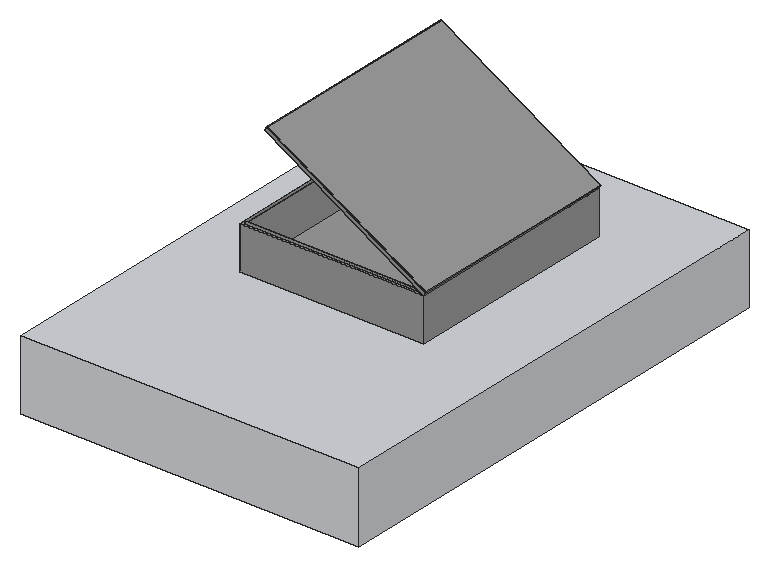
Revit family "Hager-Univers-IP44-D205-H950-Cl.II-Encl-NL-en", category Equipement électrique, Revit 2020
Family settings
  Hôte = Face
  Configuration du panneau = Deux colonnes, circuits au sein
  Cote de connecteur circulaire = Utiliser le diamètre
  Type d'élément = Tableau de raccordement
  Couper avec des vides une fois chargée = Non
  Partagée = Non
  Point de calcul de pièce = Non
Parameters (values of type "Surface mounted (plaster) IP44 W800 H950 D205  - FP63QS")
  Width Control [instance] = if([EF000008 - Width] > Min Width, [EF000008 - Width], Min Width)  # 800 mm
  Commentaires du type = [HG000003 - Range]  # "Univers"
  Thickness Door [instance] = if([EF009171 - Material plate thickness door/cover] > 3 mm, 3 mm, [EF009171 - Material plate thickness door/cover])  # 1 mm
  Seal Frame Offset [instance] = 17 mm  # constant formula
  Plinth Visibility [instance] = [HG000027 - Plinth height] > 0 mm  # no
  Model = ""
  Min Width [instance] = 100 mm  # constant formula
  Min Height [instance] = 100 mm  # constant formula
  Min Depth [instance] = (2 * [EF009170 - Material plate thickness cabinet]) + 1 mm  # 3 mm
  Internal Frame Depth [instance] = (Door System Depth * 0.5)  # 9 mm
  Height Control [instance] = if([EF000040 - Height] > Min Height, [EF000040 - Height], Min Height)  # 950 mm
  HG000027 - Plinth height = 0 mm
  HG000026 - Floor standing = no
  HG000024 - Bottom section height = 800 mm
  HG000023 - Double section enclosure = no
  HG000016 - Door 3d visibility [instance] = yes
  HG000015 - Clearance visibility [instance] = no
  HG000014 - Door on the right [instance] = yes
  HG000013 - Door on the left [instance] = not([HG000014 - Door on the right])  # no
  HG000012 - Door swing angle [instance] = 30.00°
  HG000010 - Asymmetric doors = no
  HG000009 - Double swing door = no
  HG000006 - Flush mounted = no
  HG000004 - Manufacturer reference = "FP63QS"
  HG000003 - Range = "Univers"
  HG000002 - With door or cover = yes
  Frame Offset Bottom [instance] = 10 mm  # constant formula
  Frame Offset [instance] = 15 mm  # constant formula
  EF015940 - Cover with overpressure release = no
  EF011959 - Degree of protection (NEMA) = ""
  EF009554 - Number of openings for flange plates = 6
  EF009212 - Cover model = "EV000116 - Closed"
  EF009171 - Material plate thickness door/cover = 1 mm
  EF009170 - Material plate thickness cabinet = 1 mm
  Fabricant = "Hager"  # constant formula
  EF008873 - Nominal current (In) = 250 A
  EF007800 - Suitable for lightning protection = no
  EF006306 - With lock = no
  EF006244 - Transparent cover/door = no
  EF005474 - Degree of protection (IP) = "EV006418 - IP44"
  EF004464 - Type of door = "EV002646 - Single"
  EF004427 - Number of modules = 216
  EF004293 - Impact strength = "EV006815 - IK09"
  EF003532 - Suitable for outdoor use = no
  EF002950 - Width in number of modular spacings = 36
  EF001613 - Circuit integrity = "EV000494 - None"
  EF001596 - Material housing = "EV000179 - Steel"
  EF001131 - Internal depth = 143 mm
  EF001088 - Extension possible = yes
  EF000437 - Number of conduit inlets = 6
  EF000339 - Type of cover = "EV001012 - Cover"
  EF000266 - Number of rows = 6
  EF000218 - Built-in depth = 0 mm
  EF000118 - With mounting plate = no
  EF000116 - RAL-number = "9010"
  EF000049 - Depth = 205 mm
  EF000040 - Height = 950 mm
  EF000008 - Width = 800 mm
  EF000007 - Colour = "EV000202 - White"
  EF000003 - Mounting method = "EV000384 - Surface mounted (plaster)"
  Door System Leaf Tolerance [instance] = 1.5 mm  # constant formula
  Door System Depth [instance] = 18 mm  # constant formula
  Door Height [instance] = Height Control - [HG000027 - Plinth height]  # 950 mm
  Depth Control [instance] = if([EF000049 - Depth] > Min Depth, [EF000049 - Depth], Min Depth)  # 205 mm
  Default Elevation = 0 mm
  Connector Offset [instance] = Height Control / 2  # 475 mm
  Bottom Top Plate Trim [instance] = 1.5 mm  # constant formula
  Plinth height Ctrl [instance] = if([HG000027 - Plinth height] > 0 mm, [HG000027 - Plinth height], 12 mm)  # 12 mm
Types (5, lengths in mm): name | Width Control | HG000009 - Double swing door | HG000004 - Manufacturer reference | EF009554 - Number of openings for flange plates | EF004464 - Type of door | EF004427 - Number of modules | EF002950 - Width in number of modular spacings | EF001131 - Internal depth | EF000437 - Number of conduit inlets | EF000008 - Width
  Surface mounted (plaster) IP44 W1050 H950 D205  - FP64QS | 1050 | yes | "FP64QS" | 8 | "EV003602 - Double" | 288 | 48 | 143 | 8 | 1050
  Surface mounted (plaster) IP44 W1300 H950 D205  - FP65QS | 1300 | yes | "FP65QS" | 10 | "EV003602 - Double" | 360 | 60 | 143 | 10 | 1300
  Surface mounted (plaster) IP44 W300 H950 D205  - FP61QS | 300 | no | "FP61QS" | 2 | "EV002646 - Single" | 72 | 12 | 143 | 2 | 300
  Surface mounted (plaster) IP44 W550 H950 D205  - FP62QS | 550 | no | "FP62QS" | 4 | "EV002646 - Single" | 144 | 24 | 130 | 4 | 550
  Surface mounted (plaster) IP44 W800 H950 D205  - FP63QS | 800 | no | "FP63QS" | 6 | "EV002646 - Single" | 216 | 36 | 143 | 6 | 800
Reference planes
  plane 1 "Center (Front/Back)": y = 0
  plane 2: z = 0
  plane 3 "Center (Left/Right)": x = 0
  plane 4: z = 205
  plane 5: y = 1
  plane 6: y = 475
  plane 7: y = 0
  plane 8: y = 950
  plane 9: z = 0
  plane 10: x = -385
  plane 11: x = 385
  plane 12: x = 384
  plane 13: x = -384
  plane 14: y = 949
  plane 15: x = -383
  plane 16: x = -400
  plane 17: x = 383
  plane 18: x = 400
  plane 19: x = 399
  plane 20: x = -399
  plane 21: y = 11
  plane 22: y = 950
  plane 23: y = 934
  plane 24: z = 187
  plane 25: z = 1
  plane 26: z = 186
  plane 27: z = 204
Forms (mm)
  Extrusion 1, solid
    sketch origin (0, 0, 0) x (1, 0, 0) y (0, 1, 0)
      loop
        line (-702.964, 1305) -> (-702.964, -811.445) -> (766.763, -811.445) -> (766.763, 1305) -> (-702.964, 1305)
    from 0 to -304.8
  Extrusion 2, solid, material "Hager_Steel_RAL7035_Light_Grey", visible <- "Plinth Visibility", detail levels medium+fine
    sketch origin (0, 0, 0) x (1, 0, 0) y (0, 1, 0)
      loop
        line (-400, 0) -> (400, 0) -> (400, 12) -> (-400, 12) -> (-400, 0)
    from 0 to 187
  Extrusion 3, solid, material "Hager_Steel_RAL7035_Light_Grey", detail levels medium+fine
    sketch origin (0, 0, 0) x (1, 0, 0) y (0, 1, 0)
      loop
        line (-400, 0) -> (400, 0) -> (400, 950) -> (-400, 950) -> (-400, 0)
    from 0 to 187
  Extrusion 4, void
    sketch origin (0, 0, 0) x (1, 0, 0) y (0, 1, 0)
      loop
        line (-399, 1) -> (399, 1) -> (399, 949) -> (-399, 949) -> (-399, 1)
    from 1 to 186
  Extrusion 5, void
    sketch origin (-381.607, -4572, 187) x (0, -1, 0) y (-1, 0, 0)
      loop
        line (-4583, 2.393) -> (-5506, 2.393) -> (-5506, -765.607) -> (-4583, -765.607) -> (-4583, 2.393)
    from 0 to 1 <- "EF009170 - Material plate thickness cabinet"
  Extrusion 6, solid, material "Hager_Steel_RAL7035_Light_Grey", detail levels fine
    sketch origin (0, 0, 187) x (1, 0, 0) y (0, 1, 0)
      loop
        line (-384, 934) -> (-384, 11) -> (384, 11) -> (384, 934) -> (-384, 934)
      loop
        line (-385, 10) -> (385, 10) -> (385, 935) -> (-385, 935) -> (-385, 10)
    from 0 to 9 <- "Internal Frame Depth"
  Extrusion 7, solid, material "Hager_Steel_RAL7035_Light_Grey", detail levels coarse
    sketch origin (0, 0, 0) x (1, 0, 0) y (0, 1, 0)
      loop
        line (-400, 0) -> (400, 0) -> (400, 950) -> (-400, 950) -> (-400, 0)
    from 0 to 205
  Sweep 8, void
    path in 3D
      loop
        line (-400, 12, 0) -> (400, 12, 0) -> (400, 12, 187) -> (-400, 12, 187) -> (-400, 12, 0)
    profile origin (-400, 12, 93.5) x (-1, 0, 0) y (0, -1, 0)
      loop
        line (0, 0) -> (0, 1.5) -> (-1.5, 1.5)
        arc (-1.5, 1.5) -> (-1.061, 0.439) -> (0, 0) r 1.5
Cuts and joins
  Extrusion 4, Extrusion 5 cuts Extrusion 3
  Sweep 8 cuts Extrusion 2
Lines and regions (mm)
  Masking region 1
    outline origin (0, 0, 0) x (1, 0, 0) y (0, 0, 1)
      loop
        line (-400, 205) -> (-400, 0) -> (400, 0) -> (400, 205) -> (-400, 205)
  Masking region 2, detail levels medium+fine
    outline origin (0, 140, 0) x (0, 1, 0) y (0, 0, 1)
      loop
        line (-140, 0) -> (810, 0) -> (810, 187) -> (-140, 187) -> (-140, 0)
  Masking region 3, not visible, detail levels medium+fine
    outline origin (0, 297.922, 0) x (0, 1, 0) y (0, 0, 1)
      loop
        line (188.578, 0) -> (228.578, 0) -> (228.578, 194)
        arc (228.578, 194) -> (225.649, 201.071) -> (218.578, 204) r 10
        line (218.578, 204) -> (188.578, 204) -> (188.578, 0)
  Masking region 4, detail levels coarse
    outline origin (0, 0, 180) x (0, 1, 0) y (0, 0, 1)
      loop
        line (0, -180) -> (950, -180) -> (950, 25) -> (0, 25) -> (0, -180)
  Masking region 5, visible <- "Plinth Visibility", detail levels medium+fine
    outline origin (0, 52.24, 12.345) x (0, 0, -1) y (0, 1, 0)
      loop
        line (10.845, -40.24) -> (-173.155, -40.24)
        arc (-173.155, -40.24) -> (-173.594, -41.301) -> (-174.655, -41.74) r 1.5
        line (-174.655, -41.74) -> (-174.655, -52.24) -> (12.345, -52.24) -> (12.345, -41.74)
        arc (12.345, -41.74) -> (11.285, -41.301) -> (10.845, -40.24) r 1.5
  Masking region 6, detail levels medium+fine
    outline origin (-381.607, -4572, 187) x (-1, 0, 0) y (0, -1, 0)
      loop
        line (18.393, -5522) -> (18.393, -4572) -> (-781.607, -4572) -> (-781.607, -5522) -> (18.393, -5522)
  Masking region 7, visible <- "Plinth Visibility", detail levels medium+fine
    outline origin (-381.607, -4727, 187) x (-1, 0, 0) y (0, -1, 0)
      loop
        arc (16.893, -4739) -> (17.332, -4737.939) -> (18.393, -4737.5) r 1.5
        line (18.393, -4737.5) -> (18.393, -4727) -> (-781.607, -4727) -> (-781.607, -4737.5)
        arc (-781.607, -4737.5) -> (-780.546, -4737.939) -> (-780.107, -4739) r 1.5
        line (-780.107, -4739) -> (16.893, -4739)
  Masking region 8, detail levels coarse
    outline origin (-442.548, -4669.526, 187) x (-1, 0, 0) y (0, -1, 0)
      loop
        line (-42.548, -5619.526) -> (-42.548, -4669.526) -> (-842.548, -4669.526) -> (-842.548, -5619.526) -> (-42.548, -5619.526)
  sketch lines
    curve 1: line (-400, 12, 187) -> (-400, 12, 0)
    curve 2: line (400, 12, 187) -> (-400, 12, 187)
    curve 3: line (400, 12, 187) -> (400, 12, 0)
    curve 4: line (-400, 12, 0) -> (400, 12, 0)
Dimensions and locks
  "Depth Control": plane 4 to Extrusion 1
  "HG000027 - Plinth height": plane 1 "Center (Front/Back)" to plane 7
  "EF009170 - Material plate thickness cabinet": plane 5 to plane 7
  locked: connector elem to plane 3 "Center (Left/Right)"
  equal spacing: plane 8, plane 6, plane 7
  locked: connector elem to plane 6
  "EF009170 - Material plate thickness cabinet": plane 8 to plane 14
  "EF009170 - Material plate thickness cabinet": plane 10 to plane 13
  "EF009170 - Material plate thickness cabinet": plane 12 to plane 11
  "Frame Offset": plane 20 to plane 13
  "Frame Offset": plane 12 to plane 19
  "EF009170 - Material plate thickness cabinet": plane 16 to plane 20
  "EF009170 - Material plate thickness cabinet": plane 19 to plane 18
  "Seal Frame Offset": plane 16 to plane 15
  "Seal Frame Offset": plane 17 to plane 18
  "Frame Offset Bottom": plane 21 to plane 5
  "Frame Offset": plane 14 to plane 23
  equal spacing: plane 16, plane 3 "Center (Left/Right)", plane 18
  "Width Control": plane 16 to plane 18
  "EF009170 - Material plate thickness cabinet": plane 4 to plane 27
  "EF009170 - Material plate thickness cabinet": plane 24 to plane 26
  "EF009170 - Material plate thickness cabinet": plane 25 to level
  "Door System Depth": plane 4 to plane 24
  "Height Control": plane 1 "Center (Front/Back)" to Extrusion 7 sketch curve
  "Height Control": Masking region 4 sketch curve to plane 1 "Center (Front/Back)"
  "Height Control": plane 1 "Center (Front/Back)" to plane 22
  "Bottom Top Plate Trim": profile plane to Sweep 8 sketch curve
  "Bottom Top Plate Trim": Sweep 8 sketch curve to profile plane
  "Plinth height Ctrl": plane 1 "Center (Front/Back)" to Extrusion 2 sketch curve
  "Plinth height Ctrl": Masking region 5 sketch curve to plane 1 "Center (Front/Back)"
  "Plinth height Ctrl": plane 1 "Center (Front/Back)" to Masking region 7 sketch curve
  "Thickness Door": Extrusion 6 sketch curve to Extrusion 6 sketch curve  (x3)
  "Thickness Door": cut or joined group of Extrusion 3, Extrusion 4, Extrusion 5 to Extrusion 6 sketch curve
  radius of Masking region 3 sketch curve = 10 mm
  "Bottom Top Plate Trim": radius of Masking region 5 sketch curve  (x2)
  "Bottom Top Plate Trim": radius of Sweep 8 sketch curve
  "Bottom Top Plate Trim": radius of Masking region 7 sketch curve  (x2)
  aligned and locked: plane 2 to Extrusion 1
  aligned and locked: level to Extrusion 1
  aligned and locked: level to Masking region 1 sketch curve
  aligned and locked: Masking region 1 sketch curve to plane 18
  aligned and locked: Masking region 1 sketch curve to plane 16
  aligned and locked: plane 7 to Masking region 2 sketch curve
  aligned and locked: level to Masking region 3 sketch curve
  aligned and locked: Masking region 3 sketch curve to plane 27
  aligned and locked: level to Masking region 2 sketch curve
  aligned and locked: plane 1 "Center (Front/Back)" to Extrusion 2 sketch curve
  aligned and locked: Extrusion 3 sketch curve to plane 7
  aligned and locked: plane 16 to Extrusion 3 sketch curve
  aligned and locked: plane 18 to Extrusion 3 sketch curve
  aligned and locked: plane 20 to Extrusion 4 sketch curve
  aligned and locked: plane 19 to Extrusion 4 sketch curve
  aligned and locked: Extrusion 4 sketch curve to plane 5
  aligned and locked: Extrusion 4 to plane 25
  aligned and locked: plane 26 to Extrusion 4
  aligned and locked: plane 24 to Extrusion 3
  aligned and locked: Extrusion 5 sketch curve to plane 21
  aligned and locked: Extrusion 5 sketch curve to plane 13
  aligned and locked: Extrusion 5 sketch curve to plane 12
  aligned and locked: plane 18 to Extrusion 7 sketch curve
  aligned and locked: plane 1 "Center (Front/Back)" to Extrusion 7 sketch curve
  aligned and locked: plane 16 to Extrusion 7 sketch curve
  aligned and locked: plane 4 to Extrusion 7
  aligned and locked: Extrusion 7 to level
  aligned and locked: level to Masking region 4 sketch curve
  aligned and locked: Masking region 4 sketch curve to plane 1 "Center (Front/Back)"
  aligned and locked: Masking region 4 sketch curve to plane 4
  aligned and locked: nested 1 to level
  aligned and locked: nested 1 to plane 16
  aligned and locked: plane 8 to Extrusion 3 sketch curve
  aligned and locked: plane 23 to Extrusion 5 sketch curve
  aligned and locked: plane 14 to Extrusion 4 sketch curve
  aligned and locked: Masking region 2 sketch curve to plane 8
  aligned and locked: level to Masking region 5 sketch curve
  aligned and locked: plane 16 to Extrusion 2 sketch curve
  aligned and locked: plane 18 to Extrusion 2 sketch curve
  aligned and locked: Masking region 5 sketch curve to plane 24
  aligned and locked: Masking region 2 sketch curve to plane 24
  aligned and locked: plane 24 to Extrusion 2
  aligned and locked: profile plane to Sweep 8 sketch curve  (x2)
  aligned and locked: Masking region 6 sketch curve to plane 18
  aligned and locked: Masking region 6 sketch curve to plane 22
  aligned and locked: Masking region 6 sketch curve to plane 16
  aligned and locked: plane 8 to plane 22
  aligned and locked: Masking region 6 sketch curve to plane 7
  aligned and locked: Masking region 7 sketch curve to plane 16
  aligned and locked: Masking region 7 sketch curve to plane 1 "Center (Front/Back)"
  aligned and locked: Masking region 7 sketch curve to plane 18
  aligned and locked: Masking region 8 sketch curve to plane 1 "Center (Front/Back)"
  aligned and locked: Masking region 8 sketch curve to plane 18
  aligned and locked: Masking region 8 sketch curve to plane 22
  aligned and locked: Masking region 8 sketch curve to plane 16
  aligned and locked: nested 2 to plane 7
  aligned and locked: plane 3 "Center (Left/Right)" to nested 2
  aligned and locked: nested 2 to plane 24
  aligned and locked: Extrusion 6 sketch curve to cut or joined group of Extrusion 3, Extrusion 4, Extrusion 5  (x4)
Automatic sketch dimensions
  Extrusion 1 sketch curve to Extrusion 1 sketch curve = 1469.727 mm
  Extrusion 1 sketch curve to Extrusion 1 sketch curve = 2116.445 mm
  Masking region 1 sketch curve to plane 4 = 0 mm
  plane 6 to Masking region 3 sketch curve = 11.5 mm
  Masking region 3 sketch curve to Masking region 3 sketch curve = 30 mm
  Masking region 5 sketch curve to plane 1 "Center (Front/Back)" = 0 mm
Nested families
  nested 1: "Hager_Enclosure_Symbol" at (-400, 0, 0) x (1, 0, 0) z (0, -1, 0), Height <- "Depth Control", Width <- "Width Control", type "Hager_Enclosure_Symbol"
    with Width_Ctrl 800 mm, Width 800 mm, Height_Ctrl 205 mm, Height 205 mm, A_Width_Int 13.453 mm, A_Width 161.438 mm, A_Height_Ctrl 179.375 mm, A_Height 179.375 mm
  nested 2: "EC000058_Univers_Door" at (0, 0, 187) x (1, 0, 0) z (0, 1, 0), Leaf_Tolerance <- "Door System Leaf Tolerance", Angle <- "HG000012 - Door swing angle", Door_Depth <- "Door System Depth", Door_Left <- "HG000013 - Door on the left", Transparent <- "EF006244 - Transparent cover/door", Assymetrical <- "HG000010 - Asymmetric doors", Width <- "Width Control", Clearance <- "HG000015 - Clearance visibility", Double <- "HG000009 - Double swing door", 3d_Door <- "HG000016 - Door 3d visibility", Lock_Visibility <- "EF006306 - With lock", Width_Ctrl <- "Width Control", Door_Right <- "HG000014 - Door on the right", Door <- "HG000002 - With door or cover", Height <- "Door Height", Thickness <- "Thickness Door", type "EC000058_Univers_Door", detail levels medium+fine
    with min_wh 3 mm, Width_Ctrl 800 mm, Width 800 mm, Transparent no, Thickness 1 mm, Seal_Material Hager_Rubber, Lock_Visibility no, Lock_Material Hager_Plastic_RAL9005_Jet_Black, Leaf_Width 800 mm, Leaf_Tolerance_External_Sides 0 mm, Leaf_Tolerance 1.5 mm, Leaf_Offset 0 mm, Leaf_Height 947 mm, Leaf_2_Width 800 mm, Leaf_2_Offset 400 mm, Leaf_1_Width 800 mm, Leaf_1_Offset 400 mm, Height_Ctrl 950 mm, Height 950 mm, Glass_Material Hager_Glass, Double_Clearance_Ctrl no, Double no, Door_Right_Ctrl yes, Door_Right yes, Door_Material Hager_Steel_RAL7035_Light_Grey, Door_Left_Ctrl no, Door_Left no, Door_Depth 18 mm, Door yes, Clearance_Material Hager_Clearance, Clearance_Depth 800 mm, Clearance_Ctrl no, Clearance no, Assymetrical no, Angle 30.00°, 3d_Door yes
Connectors
  electrical at (0, 475, 0)
    settings: on plane 9, index 1, voltage 0 V, apparent load 0 VA, apparent load phase1 0 VA, apparent load phase2 0 VA, apparent load phase3 0 VA, power factor 1, load classification "Other", number of poles 1, system type 30, power factor state 1, is connector primary yes, connector utility no, sub classification motor no, connector description ""
Definition of nested family "EC000058_Univers_Door"
  Parameters (values of type "EC000058_Univers_Door")
    min_wh [instance] = (2 * Thickness) + 1 mm  # 11 mm
    Width_Ctrl [instance] = 400 mm
    Width [instance] = 500 mm
    Transparent [instance] = yes
    Thickness [instance] = 5 mm
    Seal_Material [instance] = none
    Lock_Visibility [instance] = yes
    Lock_Material [instance] = none
    Leaf_Width [instance] = if((Width_Ctrl - 2 * Leaf_Tolerance_External_Sides) > 0 mm, (Width_Ctrl - 2 * Leaf_Tolerance_External_Sides), min_wh)  # 400 mm
    Leaf_Tolerance_External_Sides [instance] = 0 mm  # constant formula
    Leaf_Tolerance [instance] = 1.5 mm
    Leaf_Offset [instance] = 0 mm  # constant formula
    Leaf_Height [instance] = if((Height_Ctrl - 2 * Leaf_Tolerance) > 0 mm, (Height_Ctrl - 2 * Leaf_Tolerance), min_wh)  # 497 mm
    Leaf_2_Width [instance] = if(and(and(Double, Assymetrical), Door_Left), (Leaf_Width / 3) - (Leaf_Tolerance / 2), if(and(and(Double, Assymetrical), Door_Right), (Leaf_Width / 3) * 2 - (Leaf_Tolerance / 2), if(and(Double, not(Assymetrical)), (Leaf_Width / 2) - Leaf_Tolerance, Leaf_Width)))  # 400 mm
    Leaf_2_Offset [instance] = if(and(Double, Assymetrical), Leaf_2_Width / 2, if(and(Double, not(Assymetrical)), Leaf_Width / 4, Leaf_Width / 2))  # 200 mm
    Leaf_1_Width [instance] = if(and(and(Double, Assymetrical), Door_Right), (Leaf_Width / 3) - (Leaf_Tolerance / 2), if(and(and(Double, Assymetrical), Door_Left), (Width / 3) * 2 - (Leaf_Tolerance / 2), if(and(Double, not(Assymetrical)), (Leaf_Width / 2) - Leaf_Tolerance, Leaf_Width)))  # 400 mm
    Leaf_1_Offset [instance] = if(and(Double, Assymetrical), Leaf_1_Width / 2, if(and(Double, not(Assymetrical)), Leaf_Width / 4, Leaf_Width / 2))  # 200 mm
    Height_Ctrl [instance] = if(Height > min_wh, Height, min_wh)  # 500 mm
    Height [instance] = 500 mm
    Glass_Material [instance] = none
    Double_Clearance_Ctrl [instance] = and(Double, Clearance)  # no
    Double [instance] = no
    Door_Right_Ctrl [instance] = and(or(Door_Right, Double), Door)  # yes
    Door_Right [instance] = yes
    Door_Material [instance] = none
    Door_Left_Ctrl [instance] = and(or(Door_Left, Double), Door)  # no
    Door_Left [instance] = no
    Door_Depth [instance] = 30 mm
    Door [instance] = yes
    Default Elevation = 1219.2 mm
    Clearance_Material [instance] = none
    Clearance_Depth [instance] = if(Leaf_1_Width > Leaf_2_Width, Leaf_1_Width, Leaf_2_Width)  # 400 mm
    Clearance_Ctrl [instance] = and(not(Double), Clearance)  # yes
    Clearance [instance] = yes
    Assymetrical [instance] = yes
    Angle [instance] = 30.00°
    3d_Door [instance] = yes
  Reference planes
    plane 1 "Center (Front/Back)": y = 0
    plane 2 "Bottom": z = 0
    plane 3 "Center (Left/Right)": x = 0
    plane 4: z = 500
    plane 5: x = -200
    plane 6: x = 200
    plane 7: z = 500
    plane 8: x = -200
    plane 9: z = 0
    plane 10: x = 200
    plane 11: y = 0
    plane 12: z = 1.5
    plane 13: x = -600
    plane 14: y = -400
    plane 15: x = 600
    plane 16: x = 0
    plane 17: x = 0
    plane 18: x = -200
    plane 19: x = 200
    plane 20: z = 498.5
  Forms (mm)
    Extrusion 1, solid, material <- "Clearance_Material", visible <- "Double_Clearance_Ctrl"
      sketch origin (1200, 0, 0) x (1, 0, 0) y (0, 0, -1)
        loop
          line (-1800, -498.5) -> (-600, -498.5) -> (-600, 0) -> (-1800, 0) -> (-1800, -498.5)
      from 0 to -400
  Dimensions and locks
    equal spacing: plane 5, plane 3 "Center (Left/Right)", plane 6
    "Width_Ctrl": plane 5 to plane 6
    "Leaf_Offset": plane 5 to plane 8
    "Leaf_Offset": plane 6 to plane 10
    "Leaf_Offset": plane 9 to level
    "Leaf_Offset": plane 4 to plane 7
    "Height_Ctrl": plane 4 to level
    "Leaf_Tolerance": plane 12 to plane 9
    locked: plane 11 to plane 1 "Center (Front/Back)"
    "Leaf_1_Offset": plane 18 to plane 16
    "Leaf_2_Offset": plane 17 to plane 19
    "Leaf_1_Width": plane 13 to plane 8
    "Leaf_2_Width": plane 10 to plane 15
    "Clearance_Depth": plane 14 to plane 1 "Center (Front/Back)"
    "Leaf_Tolerance_External_Sides": plane 8 to plane 18
    "Leaf_Tolerance_External_Sides": plane 19 to plane 10
    "Leaf_Tolerance": plane 7 to plane 20
    aligned and locked: level to plane 2 "Bottom"
    aligned and locked: nested 1 to plane 16
    aligned and locked: nested 2 to plane 17
    aligned and locked: Extrusion 1 to plane 13
    aligned and locked: plane 15 to Extrusion 1
    aligned and locked: Extrusion 1 to plane 14
    aligned and locked: plane 12 to nested 1
    aligned and locked: nested 2 to plane 12
    aligned and locked: Extrusion 1 to plane 11
    aligned and locked: plane 20 to Extrusion 1
    aligned and locked: nested 2 to plane 11
    aligned and locked: nested 1 to plane 11
  Automatic sketch dimensions
    Extrusion 1 sketch curve to level = 0 mm
    plane 5 to Extrusion 1 sketch curve = 400 mm
    plane 6 to Extrusion 1 sketch curve = 400 mm
    Extrusion 1 sketch curve to plane 4 = 1.5 mm
  Nested families
    nested 1: "EC000058_Univers_Door_Leaf" at (0, 0, 1.5), Width <- "Leaf_1_Width", visible <- "Door_Left_Ctrl", Leaf_Height <- "Leaf_Height", Angle <- "Angle", 3d_Door <- "3d_Door", Transparent <- "Transparent", Clearance Material <- "Clearance_Material", Clearance <- "Clearance_Ctrl", Door_Material <- "Door_Material", Glass_Material <- "Glass_Material", Door_Depth <- "Door_Depth", Lock_Material <- "Lock_Material", Seal_Material <- "Seal_Material", Lock_Visibility <- "Lock_Visibility", Thickness <- "Thickness", type "EC000058_Univers_Door_Leaf"
      with Width 400 mm, Transparent_Glass_Offset 30 mm, Transparent_Ctrl yes, Transparent yes, Thickness 5 mm, Standard no, Seal_Material none, Seal_D2 8 mm, Seal_D1 1 mm, Offset_Internal_Frame 10 mm, Lock_Width 20 mm, Lock_Visibility_3d yes, Lock_Visibility yes, Lock_Thickness_3 3 mm, Lock_Thickness_2 1 mm, Lock_Thickness_1 3 mm, Lock_Radius_Offset_2 16 mm, Lock_Radius_Offset_1 15 mm, Lock_Radius_2 5 mm, Lock_Radius 6 mm, Lock_Offset 5 mm, Lock_Material none, Lock_Height 80 mm, Lock_Cover_Top_Offset_2d 17 mm, Lock_Cover_Height -65 mm, Leaf_Height 497 mm, Internal_Seal_Thickness 8 mm, Internal_Seal_Depth_2 4.5 mm, Internal_Frame_Depth 25 mm, Glass_Thickness -1 mm, Glass_Offset -2 mm, Glass_Material none, Door_Material none, Door_Depth 30 mm, Clearance Material none, Clearance yes, Angle_Ctrl 30.00°, Angle 30.00°, 3d_Door yes
    nested 2: "EC000058_Univers_Door_Leaf" at (0, 0, 1.5) x (-1, 0, 0) z (0, 0, 1), Width <- "Leaf_2_Width", visible <- "Door_Right_Ctrl", Leaf_Height <- "Leaf_Height", Angle <- "Angle", 3d_Door <- "3d_Door", Transparent <- "Transparent", Clearance Material <- "Clearance_Material", Clearance <- "Clearance_Ctrl", Door_Material <- "Door_Material", Glass_Material <- "Glass_Material", Door_Depth <- "Door_Depth", Lock_Material <- "Lock_Material", Seal_Material <- "Seal_Material", Lock_Visibility <- "Lock_Visibility", Thickness <- "Thickness", type "EC000058_Univers_Door_Leaf"
      with Width 400 mm, Transparent_Glass_Offset 30 mm, Transparent_Ctrl yes, Transparent yes, Thickness 5 mm, Standard no, Seal_Material none, Seal_D2 8 mm, Seal_D1 1 mm, Offset_Internal_Frame 10 mm, Lock_Width 20 mm, Lock_Visibility_3d yes, Lock_Visibility yes, Lock_Thickness_3 3 mm, Lock_Thickness_2 1 mm, Lock_Thickness_1 3 mm, Lock_Radius_Offset_2 16 mm, Lock_Radius_Offset_1 15 mm, Lock_Radius_2 5 mm, Lock_Radius 6 mm, Lock_Offset 5 mm, Lock_Material none, Lock_Height 80 mm, Lock_Cover_Top_Offset_2d 17 mm, Lock_Cover_Height -65 mm, Leaf_Height 497 mm, Internal_Seal_Thickness 8 mm, Internal_Seal_Depth_2 4.5 mm, Internal_Frame_Depth 25 mm, Glass_Thickness -1 mm, Glass_Offset -2 mm, Glass_Material none, Door_Material none, Door_Depth 30 mm, Clearance Material none, Clearance yes, Angle_Ctrl 30.00°, Angle 30.00°, 3d_Door yes
  Definition of nested family "EC000058_Univers_Door_Leaf"
    Parameters (values of type "EC000058_Univers_Door_Leaf")
      Width [instance] = 2000 mm
      Transparent_Glass_Offset [instance] = 30 mm
      Transparent_Ctrl [instance] = and(Transparent, [3d_Door])  # yes
      Transparent [instance] = yes
      Thickness [instance] = 5 mm
      Standard [instance] = and(not(Transparent), [3d_Door])  # no
      Seal_Material [instance] = none
      Seal_D2 [instance] = 8 mm  # constant formula
      Seal_D1 [instance] = 1 mm  # constant formula
      Offset_Internal_Frame [instance] = 10 mm  # constant formula
      Lock_Width [instance] = 20 mm  # constant formula
      Lock_Visibility_3d [instance] = and(Lock_Visibility, [3d_Door])  # yes
      Lock_Visibility [instance] = yes
      Lock_Thickness_3 [instance] = 3 mm  # constant formula
      Lock_Thickness_2 [instance] = 1 mm  # constant formula
      Lock_Thickness_1 [instance] = 3 mm  # constant formula
      Lock_Radius_Offset_2 [instance] = Lock_Radius_Offset_1 + 1 mm  # 16 mm
      Lock_Radius_Offset_1 [instance] = 15 mm  # constant formula
      Lock_Radius_2 [instance] = Lock_Radius - 1 mm  # 5 mm
      Lock_Radius [instance] = 6 mm  # constant formula
      Lock_Offset [instance] = 5 mm  # constant formula
      Lock_Material [instance] = none
      Lock_Height [instance] = 80 mm  # constant formula
      Lock_Cover_Top_Offset_2d [instance] = Lock_Radius_Offset_2 + 1 mm  # 17 mm
      Lock_Cover_Height [instance] = -(Lock_Height - Lock_Radius_Offset_1)  # -65 mm
      Leaf_Height [instance] = 2720.336 mm
      Internal_Seal_Thickness [instance] = 8 mm  # constant formula
      Internal_Seal_Depth_2 [instance] = 4.5 mm  # constant formula
      Internal_Frame_Depth [instance] = if(Door_Depth - Thickness > 5 mm, Door_Depth - Thickness, 5 mm)  # 25 mm
      Glass_Thickness [instance] = if(Thickness > 15 mm, Glass_Offset + 10 mm, -1 mm)  # -1 mm
      Glass_Offset [instance] = if(Thickness > 15 mm, -(Thickness + 10 mm) / 2, -2 mm)  # -2 mm
      Glass_Material [instance] = none
      Door_Material [instance] = none
      Door_Depth [instance] = 30 mm
      Default Elevation = 0 mm
      Clearance Material [instance] = none
      Clearance [instance] = yes
      Angle_Ctrl [instance] = if(Angle > 180.00°, 180.00°, Angle)  # 90.00°
      Angle [instance] = 90.00°
      3d_Door [instance] = yes
    Reference planes
      plane 1 "Center (Front/Back)": y = 0
      plane 2: z = 0
      plane 3 "Center (Left/Right)": x = 0
      plane 4: y = 2000
      plane 5: x = -1000
      plane 6: x = 1000
      plane 7: x = -3000
      plane 8: z = 2720.336
      plane 9: z = 30
      plane 10: z = 2690.336
      plane 11: x = 970
      plane 12: x = -970
      plane 13: y = -3
      plane 14: z = 107.833
      plane 15: y = -5
      plane 16: y = -223.314
      plane 17: x = -1000
      plane 18: z = 1360.168
      plane 19: y = 30
    Forms (mm)
      Extrusion 1, solid, material <- "Clearance Material", visible <- "Clearance"
        sketch origin (0, 0, 0) x (1, 0, 0) y (0, 0, 1)
          loop
            line (-3000, 2720.336) -> (-3000, 0) -> (1000, 0) -> (1000, 2720.336) -> (-3000, 2720.336)
        from 0 to -2000
      Extrusion 2, solid, material <- "Door_Material", visible <- "Standard", detail levels medium+fine
        sketch origin (-1000, 0, 0) x (0, 1, 0) y (-1, 0, 0)
          loop
            line (0, 30) -> (0, 25) -> (2000, 25) -> (2000, 30) -> (0, 30)
        from 0 to 2720.336 <- "Leaf_Height"
      Extrusion 3, solid, material <- "Door_Material", visible <- "Transparent_Ctrl", detail levels medium+fine
        sketch origin (-1000, 0, 0) x (0, 1, 0) y (-1, 0, 0)
          loop
            line (0, 25) -> (2000, 25) -> (2000, 30) -> (0, 30) -> (0, 25)
        from 0 to 2720.336 <- "Leaf_Height"
      Extrusion 4, void
        sketch origin (-1025, 2000, 0) x (0, 1, 0) y (0, 0, -1)
          loop
            line (-30, -2690.336) -> (-30, -30) -> (-1970, -30) -> (-1970, -2690.336) -> (-30, -2690.336)
        from 0 to 5 <- "Thickness"
      Sweep 5, solid, material <- "Seal_Material", visible <- "Transparent_Ctrl", detail levels fine
        path in 3D
          loop
            line (-1025, 30, 30) -> (-1025, 30, 2690.336) -> (-1025, 1970, 2690.336) -> (-1025, 1970, 30) -> (-1025, 30, 30)
        profile origin (-1025, 1000, 30) x (1, 0, 0) y (0, 0, 1)
          loop
            line (0, 0) -> (0, -8) -> (1, -8) -> (1, 0) -> (0, 0)
      Extrusion 6, solid, material <- "Glass_Material", visible <- "Transparent_Ctrl", detail levels medium+fine
        sketch origin (-1030, 0, 0) x (0, 1, 0) y (0, 0, -1)
          loop
            line (1970, -2690.336) -> (1970, -30) -> (30, -30) -> (30, -2690.336) -> (1970, -2690.336)
        from -2 <- "Glass_Offset" to -1 <- "Glass_Thickness"
      Extrusion 7, solid, material <- "Door_Material", visible <- "3d_Door", detail levels medium+fine
        sketch origin (-1025, 2000, 0) x (0, -1, 0) y (0, 0, -1)
          loop
            line (0, -2720.336) -> (2000, -2720.336) -> (2000, 0) -> (0, 0) -> (0, -2720.336)
          loop
            line (1995, -5) -> (5, -5) -> (5, -2715.336) -> (1995, -2715.336) -> (1995, -5)
        from 0 to 25 <- "Internal_Frame_Depth"
      Sweep 8, solid, material <- "Seal_Material", visible <- "Transparent_Ctrl", detail levels fine
        path in 3D
          loop
            line (-1025, 0, 0) -> (-1025, 2000, 0) -> (-1025, 2000, 2720.336) -> (-1025, 0, 2720.336) -> (-1025, 0, 0)
        profile origin (-1025, 0, 1360.168) x (1, 0, 0) y (0, 1, 0)
          loop
            line (0, 10) -> (2.975, 10)
            arc (2.975, 10) -> (4.053, 10.447) -> (4.5, 11.525) r 1.525
            line (4.5, 11.525) -> (4.5, 16.527)
            arc (4.5, 16.527) -> (4.069, 17.569) -> (3.027, 18) r 1.473
            line (3.027, 18) -> (0, 18) -> (0, 10)
      Extrusion 9, solid, material <- "Lock_Material", visible <- "Lock_Visibility_3d", detail levels fine
        sketch origin (-1030, 0, 0) x (0, 1, 0) y (0, 0, -1)
          loop
            arc (1993.5, -1400.168) -> (1994.561, -1399.729) -> (1995, -1398.668) r 1.5
            line (1995, -1398.668) -> (1995, -1320.168) -> (1975, -1320.168) -> (1975, -1398.668)
            arc (1975, -1398.668) -> (1975.439, -1399.729) -> (1976.5, -1400.168) r 1.5
            line (1976.5, -1400.168) -> (1993.5, -1400.168)
        from 3 <- "Lock_Thickness_1" to 0
      Blend 10, solid, material <- "Lock_Material", visible <- "Lock_Visibility_3d", detail levels fine
        base sketch origin (-1033, 0, 0) x (0, 1, 0) y (0, 0, -1)
          loop
            line (1975, -1320.168) -> (1975, -1398.668)
            arc (1975, -1398.668) -> (1975.439, -1399.729) -> (1976.5, -1400.168) r 1.5
            line (1976.5, -1400.168) -> (1993.5, -1400.168)
            arc (1993.5, -1400.168) -> (1994.561, -1399.729) -> (1995, -1398.668) r 1.5
            line (1995, -1398.668) -> (1995, -1320.168) -> (1975, -1320.168)
        top sketch origin (-1033, 0, 0) x (0, 1, 0) y (0, 0, -1)
          loop
            line (1976, -1320.168) -> (1976, -1398.668)
            arc (1976, -1398.668) -> (1976.146, -1399.022) -> (1976.5, -1399.168) r 0.5
            line (1976.5, -1399.168) -> (1993.5, -1399.168)
            arc (1993.5, -1399.168) -> (1993.854, -1399.022) -> (1994, -1398.668) r 0.5
            line (1994, -1398.668) -> (1994, -1320.168) -> (1976, -1320.168)
        from 0 to 1 <- "Lock_Thickness_2"
      Blend 11, solid, material <- "Lock_Material", visible <- "Lock_Visibility_3d", detail levels fine
        base sketch origin (-1034, 0, 0) x (0, 1, 0) y (0, 0, -1)
          loop
            line (1978, -1320.168) -> (1978, -1384.168)
            arc (1978, -1384.168) -> (1985, -1391.168) -> (1992, -1384.168) r 7
            line (1992, -1384.168) -> (1992, -1320.168) -> (1978, -1320.168)
        top sketch origin (-1034, 0, 0) x (0, 1, 0) y (0, 0, -1)
          loop
            line (1991, -1320.168) -> (1979, -1320.168) -> (1979, -1383.168)
            arc (1979, -1383.168) -> (1985, -1389.168) -> (1991, -1383.168) r 6
            line (1991, -1383.168) -> (1991, -1320.168)
        from 0 to 3 <- "Lock_Thickness_3"
      Extrusion 12, solid, material <- "Lock_Material", visible <- "Lock_Visibility_3d", detail levels fine
        sketch origin (-1030, 1975, 1320.168) x (1, 0, 0) y (0, -1, 0)
          loop
            line (-7, -19) -> (-7, -1) -> (0, -1) -> (0, 0) -> (-8, 0) -> (-8, -20) -> (0, -20) -> (0, -19) -> (-7, -19)
        from 0 to -65 <- "Lock_Cover_Height"
      Extrusion 13, void
        sketch origin (-1038, 1995, 1320.168) x (-1, 0, 0) y (0, 0, -1)
          loop
            line (-5, -65) -> (0, -65) -> (-5, -60) -> (-5, -65)
        from 0 to 20 <- "Lock_Width"
      Extrusion 14, void
        sketch origin (-1038, 1975, 1320.168) x (0, -1, 0) y (0, 0, -1)
          loop
            circle (-10, -15.995) r 6
          loop
            circle (-10, -15.995) r 5
        from 0 to 2
      Extrusion 15, solid, material <- "Lock_Material", visible <- "Lock_Visibility_3d", detail levels medium
        sketch origin (-1030, 0, 0) x (0, 1, 0) y (0, 0, -1)
          loop
            arc (1993.5, -1400.168) -> (1994.561, -1399.729) -> (1995, -1398.668) r 1.5
            line (1995, -1398.668) -> (1995, -1320.168) -> (1975, -1320.168) -> (1975, -1398.668)
            arc (1975, -1398.668) -> (1975.439, -1399.729) -> (1976.5, -1400.168) r 1.5
            line (1976.5, -1400.168) -> (1993.5, -1400.168)
        from 8 to 0
    Cuts and joins
      Extrusion 4 cuts Extrusion 3
      Extrusion 13, Extrusion 14 cuts Extrusion 9
      Extrusion 14 cuts Blend 11
      Extrusion 13, Extrusion 14 cuts Extrusion 12
      joined: Extrusion 9, Blend 10, Blend 11, Extrusion 12
      Extrusion 14 cuts Extrusion 15
    Lines and regions (mm)
      Masking region 1, visible <- "Lock_Visibility", detail levels fine
        outline origin (0, 0, 0) x (0, 1, 0) y (0, 0, 1)
          loop
            line (30, 1320.168) -> (33, 1320.168) -> (33, 1400.168) -> (30, 1400.168) -> (30, 1320.168)
      Masking region 2, visible <- "Lock_Visibility", detail levels fine
        outline origin (0, 3.143, 0) x (0, 1, 0) y (0, 0, 1)
          loop
            line (29.857, 1354.168) -> (30.857, 1354.168) -> (30.857, 1366.168) -> (29.857, 1366.168) -> (29.857, 1354.168)
      Masking region 3, detail levels medium+fine
        outline origin (0, 0, 0) x (0, 1, 0) y (0, 0, 1)
          loop
            line (0, 0) -> (30, 0) -> (30, 2720.336) -> (0, 2720.336) -> (0, 0)
      Masking region 4, detail levels medium+fine
        outline origin (0, 0, 0) x (1, 0, 0) y (0, 0, 1)
          loop
            line (-1000, 2720.336) -> (-1000, 0) -> (1000, 0) -> (1000, 2720.336) -> (-1000, 2720.336)
      Masking region 5, visible <- "Lock_Visibility", detail levels fine
        outline origin (-47.116, 0, 0) x (1, 0, 0) y (0, 0, 1)
          loop
            arc (1024.616, 1399.168) -> (1023.556, 1398.729) -> (1023.116, 1397.668) r 1.5
            line (1023.116, 1397.668) -> (1023.116, 1320.168) -> (1041.116, 1320.168) -> (1041.116, 1397.668)
            arc (1041.116, 1397.668) -> (1040.677, 1398.729) -> (1039.616, 1399.168) r 1.5
            line (1039.616, 1399.168) -> (1024.616, 1399.168)
      Masking region 6, visible <- "Lock_Visibility", detail levels medium+fine
        outline origin (-25, 0, 0) x (1, 0, 0) y (0, 0, 1)
          loop
            arc (1001.5, 1400.168) -> (1000.439, 1399.729) -> (1000, 1398.668) r 1.5
            line (1000, 1398.668) -> (1000, 1320.168) -> (1020, 1320.168) -> (1020, 1398.668)
            arc (1020, 1398.668) -> (1019.561, 1399.729) -> (1018.5, 1400.168) r 1.5
            line (1018.5, 1400.168) -> (1001.5, 1400.168)
      Masking region 7, visible <- "Lock_Visibility", detail levels fine
        outline origin (-73.735, 0, 0) x (1, 0, 0) y (0, 0, 1)
          loop
            line (1051.735, 1382.168) -> (1065.735, 1382.168) -> (1065.735, 1384.168)
            arc (1065.735, 1384.168) -> (1058.735, 1391.168) -> (1051.735, 1384.168) r 7
            line (1051.735, 1384.168) -> (1051.735, 1382.168)
      Masking region 8, visible <- "Lock_Visibility", detail levels fine
        outline origin (-73.735, 0, 0) x (1, 0, 0) y (0, 0, 1)
          loop
            line (1052.735, 1382.168) -> (1064.735, 1382.168) -> (1064.735, 1383.168)
            arc (1064.735, 1383.168) -> (1058.735, 1389.168) -> (1052.735, 1383.168) r 6
            line (1052.735, 1383.168) -> (1052.735, 1382.168)
      Masking region 9, visible <- "Lock_Visibility", detail levels fine
        outline origin (-25, 0, 0) x (1, 0, 0) y (0, 0, 1)
          loop
            line (1020, 1320.168) -> (1020, 1382.168) -> (1000, 1382.168) -> (1000, 1320.168) -> (1020, 1320.168)
      Masking region 10, detail levels medium+fine
        outline origin (0, 0, 0) x (1, 0, 0) y (0, 0, 1)
          loop
            circle (985, 1335.144) r 6
      Masking region 11, detail levels fine
        outline origin (0, 0, 0) x (1, 0, 0) y (0, 0, 1)
          loop
            circle (985, 1335.144) r 5
      Masking region 12, visible <- "Lock_Visibility", detail levels fine
        outline origin (0, 12.767, 0) x (0, 1, 0) y (0, 0, 1)
          loop
            line (20.233, 1320.168) -> (21.233, 1320.168) -> (21.233, 1399.168) -> (20.233, 1400.168) -> (20.233, 1320.168)
      Masking region 13, visible <- "Lock_Visibility", detail levels fine
        outline origin (0, 13.767, -10) x (0, 1, 0) y (0, 0, 1)
          loop
            line (20.233, 1330.168) -> (23.233, 1330.168) -> (23.233, 1399.168) -> (20.233, 1402.168) -> (20.233, 1330.168)
      Masking region 14, visible <- "Lock_Visibility", detail levels fine
        outline origin (0, 12.767, -10) x (0, 1, 0) y (0, 0, 1)
          loop
            line (20.233, 1330.168) -> (25.233, 1330.168) -> (25.233, 1399.305) -> (20.233, 1394.305) -> (20.233, 1330.168)
      Masking region 15, visible <- "Lock_Visibility", detail levels medium
        outline origin (0, 0, 0) x (0, 1, 0) y (0, 0, 1)
          loop
            line (30, 1320.168) -> (38, 1320.168) -> (38, 1400.168) -> (30, 1400.168) -> (30, 1320.168)
      Masking region 16, visible <- "Lock_Visibility", detail levels fine
        outline origin (-1000, 0, 0) x (0, 1, 0) y (-1, 0, 0)
          loop
            line (1975, 30) -> (1995, 30) -> (1995, 38) -> (1975, 38) -> (1975, 30)
          loop
            line (1979, 37) -> (1976, 37) -> (1976, 34) -> (1978, 34) -> (1979, 37)
          loop
            line (1994, 37) -> (1991, 37) -> (1992, 34) -> (1994, 34) -> (1994, 37)
      Masking region 17, visible <- "Lock_Visibility", detail levels medium
        outline origin (-1000, 0, 0) x (0, 1, 0) y (-1, 0, 0)
          loop
            line (1975, 30) -> (1995, 30) -> (1995, 38) -> (1975, 38) -> (1975, 30)
      symbolic lines
        curve 1: line (1000, 0, 0) -> (-3000, 0, 0)
        curve 2: arc (1000, 0, 0) -> (-1000, 2000, 0) -> (-3000, 0, 0) r 2000
        curve 4: line (-1030, 0, 0) -> (-1030, 2000, 0)
      reference lines
        curve 3: line (-1000, 0, 0) -> (-1000, 2000, 0)
      symbolic lines, detail levels medium+fine
        curve 5: line (-1030, 2000, 0) -> (-1025, 2000, 0)
        curve 7: line (-1025, 0, 0) -> (-1030, 0, 0)
        curve 8: line (-1025, 0, 0) -> (-1000, 0, 0)
        curve 9: line (-1000, 0, 0) -> (-1000, 2000, 0)
        curve 10: line (-1000, 2000, 0) -> (-1025, 2000, 0)
      symbolic lines, detail levels fine
        curve 6: line (-1025, 2000, 0) -> (-1025, 0, 0)
      sketch lines
        curve 11: line (-1025, 0, 2720.336) -> (-1025, 0, 0)
        curve 12: line (-1025, 2000, 0) -> (-1025, 0, 0)
        curve 13: line (-1025, 2000, 2720.336) -> (-1025, 2000, 0)
        curve 14: line (-1025, 0, 2720.336) -> (-1025, 2000, 2720.336)
        curve 15: line (-1025, 1970, 30) -> (-1025, 30, 30)
        curve 16: line (-1025, 30, 30) -> (-1025, 30, 2690.336)
        curve 17: line (-1025, 1970, 2690.336) -> (-1025, 1970, 30)
        curve 18: line (-1025, 30, 2690.336) -> (-1025, 1970, 2690.336)
      symbolic lines, visible <- "Transparent", detail levels medium+fine
        curve 19: line (-970, 0, 2690.336) -> (970, 0, 2690.336)
        curve 20: line (-970, 0, 30) -> (-970, 0, 2690.336)
        curve 21: line (970, 0, 30) -> (-970, 0, 30)
        curve 22: line (970, 0, 2690.336) -> (970, 0, 30)
    Dimensions and locks
      "Width": plane 1 "Center (Front/Back)" to plane 4
      equal spacing: plane 5, plane 3 "Center (Left/Right)", plane 6
      "Width": plane 5 to plane 6
      "Width": plane 7 to plane 5
      "Leaf_Height": plane 8 to level
      "Width": curve 5 to curve 3
      "Width": curve 3 to curve 3
      plane 8 to plane 10 = 30 mm
      plane 9 to level = 30 mm
      plane 12 to plane 5 = 30 mm
      plane 6 to plane 11 = 30 mm
      Extrusion 1 to Extrusion 4 sketch curve = 30 mm
      "Transparent_Glass_Offset": curve 3 to Extrusion 4 sketch curve
      "Transparent_Glass_Offset": Extrusion 4 sketch curve to cut or joined group of Extrusion 3, Extrusion 4  (x2)
      cut or joined group of Extrusion 3, Extrusion 4 to Extrusion 6 sketch curve = 30 mm
      "Transparent_Glass_Offset": cut or joined group of Extrusion 3, Extrusion 4 to Extrusion 4 sketch curve
      "Thickness": curve 6 to curve 4
      "Thickness": Extrusion 7 sketch curve to Extrusion 7 sketch curve  (x4)
      "Door_Depth": curve 4 to curve 3
      "Offset_Internal_Frame": profile plane to Sweep 8 sketch curve
      "Internal_Seal_Thickness": Sweep 8 sketch curve to Sweep 8 sketch curve
      "Internal_Seal_Depth_2": profile plane to Sweep 8 sketch curve
      "Seal_D1": profile plane to Sweep 5 sketch curve
      "Seal_D2": profile plane to Sweep 5 sketch curve
      "Thickness": Extrusion 2 sketch curve to Extrusion 2 sketch curve
      equal spacing: Extrusion 9 sketch curve, plane 18, Extrusion 9 sketch curve  (x2)
      equal spacing: Masking region 1 sketch curve, plane 18, Masking region 1 sketch curve
      "Lock_Height": Masking region 1 sketch curve to Masking region 1 sketch curve
      "Lock_Radius": Masking region 2 sketch curve to plane 18 to Masking region 2 sketch curve
      Masking region 2 sketch curve to Masking region 1 = 1 mm
      "Door_Depth": plane 19 to plane 1 "Center (Front/Back)"
      "Lock_Thickness_1": Masking region 1 sketch curve to plane 19
      "Lock_Width": Extrusion 9 sketch curve to Extrusion 9 sketch curve
      "Lock_Height": Extrusion 9 sketch curve to Extrusion 9 sketch curve
      "Lock_Offset": cut or joined group of Extrusion 3, Extrusion 4 to Extrusion 9 sketch curve
      equal spacing: plane 8, plane 18, level
      "Lock_Radius_Offset_1": Blend 11 sketch curve to Blend 10
      locked: Blend 10 to Blend 11 sketch curve at 2  (x2)
      locked: var sketch to Blend 11 sketch curve at 1  (x2)
      "Lock_Radius_Offset_2": Blend 11 sketch curve to Blend 10
      locked: Extrusion 12 sketch curve to Extrusion 12 sketch curve at 1  (x3)
      Masking region 6 sketch curve to Masking region 6 sketch curve = 80 mm
      "Lock_Height": Masking region 6 sketch curve to Masking region 6 sketch curve
      "Lock_Width": Masking region 6 sketch curve to Masking region 6 sketch curve
      locked: Masking region 6 to Masking region 5 sketch curve at 1  (x3)
      locked: Masking region 5 to Masking region 7 sketch curve at 2  (x2)
      "Lock_Radius_Offset_1": Masking region 5 to Masking region 7 sketch curve
      "Lock_Radius_Offset_2": Masking region 5 to Masking region 8 sketch curve
      locked: Masking region 7 to Masking region 8 sketch curve at 1  (x2)
      "Lock_Cover_Top_Offset_2d": Masking region 5 to Masking region 9 sketch curve
      equal spacing: Masking region 9, Masking region 10 sketch curve, Masking region 9
      equal spacing: Masking region 9, Masking region 11 sketch curve, Masking region 9
      Extrusion 15 sketch curve to Extrusion 15 sketch curve = 80 mm
      "Lock_Width": Extrusion 15 sketch curve to Extrusion 15 sketch curve
      "Lock_Height": Extrusion 15 sketch curve to Extrusion 15 sketch curve
      equal spacing: Extrusion 15 sketch curve, plane 18, Extrusion 15 sketch curve
      "Lock_Thickness_3": Masking region 13 sketch curve to Masking region 13 sketch curve
      "Lock_Height": Masking region 12 sketch curve to Masking region 12 sketch curve
      locked: Masking region 13 sketch curve to Masking region 1 at 8
      locked: Masking region 14 sketch curve to Masking region 13 at 1
      locked: Masking region 14 sketch curve to Masking region 1 at 10.863
      "Lock_Height": Masking region 15 sketch curve to Masking region 15 sketch curve
      "Lock_Offset": Extrusion 15 sketch curve to cut or joined group of Extrusion 3, Extrusion 4
      "Lock_Offset": plane 6 to Masking region 6 sketch curve
      radius of Sweep 8 sketch curve = 1.525 mm
      radius of Sweep 8 sketch curve = 1.473 mm
      radius of Extrusion 9 sketch curve = 1.5 mm  (x2)
      "Lock_Radius": radius of Extrusion 14 sketch curve
      "Lock_Radius_2": radius of Extrusion 14 sketch curve
      "Lock_Radius": radius of Masking region 10 sketch curve
      "Lock_Radius_2": radius of Masking region 11 sketch curve
      radius of Extrusion 15 sketch curve = 1.5 mm  (x2)
      "Angle_Ctrl": angle plane 1 "Center (Front/Back)" to curve 3
      locked: Masking region 12 sketch curve to Masking region 12 sketch curve (angle 45.00°)
      locked: Masking region 13 sketch curve to Masking region 13 sketch curve (angle 45.00°)
      locked: Masking region 14 sketch curve to Masking region 14 sketch curve (angle 45.00°)
      aligned and locked: level to plane 2
      aligned and locked: Extrusion 1 to curve 1
      aligned and locked: plane 6 to Extrusion 1
      aligned and locked: Extrusion 1 to plane 1 "Center (Front/Back)"
      aligned and locked: plane 4 to Extrusion 1
      aligned and locked: plane 8 to Extrusion 1
      aligned and locked: curve 7 to Extrusion 2 sketch curve
      aligned and locked: curve 5 to Extrusion 2 sketch curve
      aligned and locked: curve 7 to Extrusion 3 sketch curve
      aligned and locked: Extrusion 3 sketch curve to curve 4
      aligned and locked: Extrusion 3 sketch curve to curve 6
      aligned and locked: Extrusion 3 sketch curve to curve 5
      aligned and locked: curve 9 to curve 3
      aligned and locked: Extrusion 7 sketch curve to cut or joined group of Extrusion 3, Extrusion 4  (x4)
      aligned and locked: plane 17 to curve 3
      aligned and locked: plane 1 "Center (Front/Back)" to curve 3
      aligned and locked: plane 17 to plane 5
      aligned and locked: Sweep 8 sketch curve to profile plane
      aligned and locked: Sweep 5 sketch curve to profile plane  (x2)
      aligned and locked: Masking region 1 to Masking region 2 sketch curve
      aligned and locked: plane 19 to Masking region 1 sketch curve
      aligned and locked: plane 1 "Center (Front/Back)" to Masking region 3 sketch curve
      aligned and locked: plane 19 to Masking region 3 sketch curve
      aligned and locked: level to Masking region 3 sketch curve
      aligned and locked: Masking region 3 sketch curve to plane 8
      aligned and locked: plane 17 to Masking region 4 sketch curve
      aligned and locked: level to Masking region 4 sketch curve
      aligned and locked: Masking region 4 sketch curve to plane 8
      aligned and locked: plane 12 to curve 20
      aligned and locked: plane 10 to curve 19
      aligned and locked: plane 11 to curve 22
      aligned and locked: curve 21 to plane 9
      aligned and locked: Extrusion 2 sketch curve to cut or joined group of Extrusion 3, Extrusion 4
      aligned and locked: Blend 10 sketch curve to Extrusion 9  (x4)
      aligned and locked: Extrusion 9 to Blend 10 sketch curve
      aligned and locked: Blend 10 to Blend 11 sketch curve
      aligned and locked: Extrusion 12 sketch curve to Blend 11
      aligned and locked: Extrusion 12 sketch curve to Extrusion 9  (x4)
      aligned and locked: Masking region 5 sketch curve to Masking region 6
      aligned and locked: Masking region 9 sketch curve to Masking region 6  (x3)
      aligned and locked: Masking region 12 sketch curve to Masking region 1
      aligned and locked: Masking region 13 sketch curve to Masking region 1
      aligned and locked: Masking region 12 to Masking region 14
      aligned and locked: Masking region 14 sketch curve to Masking region 1
      aligned and locked: Masking region 15 sketch curve to Masking region 14
      aligned and locked: Masking region 13 sketch curve to Masking region 12
      aligned and locked: Masking region 16 sketch curve to cut or joined group of Extrusion 14, Extrusion 15  (x4)
      aligned and locked: Masking region 16 sketch curve to cut or joined group of Extrusion 9, Blend 10, Blend 11, Extrusion 12, Extrusion 13, Extrusion 14  (x6)
      aligned and locked: cut or joined group of Extrusion 9, Blend 10, Blend 11, Extrusion 12, Extrusion 13, Extrusion 14 to Masking region 16 sketch curve
      aligned and locked: Masking region 17 sketch curve to cut or joined group of Extrusion 14, Extrusion 15  (x3)
      aligned and locked: Masking region 17 sketch curve to cut or joined group of Extrusion 9, Blend 10, Blend 11, Extrusion 12, Extrusion 13, Extrusion 14
      aligned and locked: Masking region 9 to Masking region 8 sketch curve
      aligned and locked: Masking region 9 to Masking region 7 sketch curve
    Automatic sketch dimensions
      plane 1 "Center (Front/Back)" to curve 2 = 0 mm
      curve 2 to plane 5 = 0 mm
      Extrusion 1 sketch curve to level = 0 mm
      Extrusion 1 sketch curve to plane 7 = 0 mm
      Extrusion 1 sketch curve to plane 6 = 0 mm
      Extrusion 1 sketch curve to plane 8 = 0 mm
      Extrusion 3 to Extrusion 6 sketch curve = 30 mm  (x4)
      Masking region 4 sketch curve to plane 6 = 0 mm
      Blend 10 sketch curve to Extrusion 9 = 1.5 mm
      Blend 10 sketch curve to Extrusion 9 = 1 mm
      Extrusion 13 sketch curve to Extrusion 12 = 0 mm  (x2)
      Extrusion 12 to Extrusion 13 sketch curve = 3 mm
      Extrusion 13 sketch curve to Extrusion 12 = 5 mm
      Extrusion 14 sketch curve to Extrusion 14 sketch curve = 0 mm  (x2)
      Extrusion 14 sketch curve to Extrusion 12 = 10 mm
      Extrusion 14 sketch curve to Extrusion 12 = 15.995 mm
      Masking region 5 sketch curve to Masking region 5 sketch curve = 1.5 mm  (x2)
      Masking region 10 sketch curve to plane 18 = 25.024 mm
      Masking region 11 sketch curve to plane 18 = 25.024 mm
      plane 19 to Masking region 14 sketch curve = 3 mm
      Masking region 16 sketch curve to Masking region 16 sketch curve = 3 mm
      curve 4 to curve 3 = 0 mm
      Blend 10 to Blend 11 sketch curve = 0 mm
      Masking region 6 sketch curve to Masking region 6 sketch curve = 1.5 mm  (x2)
      Masking region 6 sketch curve to plane 18 = 40 mm
      plane 19 to Masking region 12 sketch curve = 3 mm
      Masking region 12 sketch curve to Masking region 12 sketch curve = 1 mm
      Masking region 15 sketch curve to plane 19 = 0 mm
      Masking region 15 sketch curve to plane 18 = 40 mm
      radius of Blend 10 sketch curve to Extrusion 9 = 1 mm
Definition of nested family "Hager_Enclosure_Symbol"
  Parameters (values of type "Hager_Enclosure_Symbol")
    Width_Ctrl [instance] = if(Width > 1 mm, Width, 1 mm)  # 102.27 mm
    Width [instance] = 102.27 mm
    Height_Ctrl [instance] = if(Height > 1 mm, Height, 1 mm)  # 66.5 mm
    A_Width_Int [instance] = if(A_Width / 12 > 2 mm, A_Width / 12, 2 mm)  # 4.364 mm
    A_Width [instance] = if(A_Height_Ctrl * 0.9 > 2 mm, A_Height_Ctrl * 0.9, 2 mm)  # 52.369 mm
    A_Height_Ctrl [instance] = if(A_Height > 2 mm, A_Height, 2 mm)  # 58.188 mm
    Height [instance] = 66.5 mm
    A_Height [instance] = Height - (Height / 8)  # 58.188 mm
  Reference planes
    plane 1 "Centre (avant/arrière)": y = 0
    plane 2: z = 0
    plane 3 "Centre (gauche/droite)": x = 0
    plane 4: x = 52.369
    plane 5: y = 33.042
    plane 6: y = 41.77
    plane 7: y = 66.5
    plane 8: x = 26.184
    plane 9: y = 37.406
    plane 10: x = 102.27
    plane 11: y = 66.5
    plane 12: y = 8.313
  Lines and regions (mm)
    Filled region 1, type "Solid_Black", in view "Niveau de réf."
      outline origin (0, 0, 0) x (1, 0, 0) y (0, 1, 0)
        loop
          line (52.369, 66.5) -> (33.188, 54.536) -> (45.365, 45.006) -> (52.369, 66.5)
    Filled region 2, type "Solid_Black", in view "Niveau de réf."
      outline origin (0, 0, 0) x (1, 0, 0) y (0, 1, 0)
        loop
          line (0, 0) -> (102.27, 0) -> (102.27, 66.5) -> (0, 0)
    detail lines, in view "Niveau de réf."
      curve 1: line (0, 8.313, 0) -> (26.184, 41.77, 0)
      curve 2: line (26.184, 41.77, 0) -> (26.184, 33.042, 0)
      curve 3: line (26.184, 33.042, 0) -> (52.369, 66.5, 0)
  Dimensions and locks
    "A_Width": plane 3 "Centre (gauche/droite)" to plane 4
    equal spacing: plane 3 "Centre (gauche/droite)", plane 8, plane 4
    equal spacing: plane 6, plane 9, plane 5
    equal spacing: curve 3, Filled region 1 sketch curve, Filled region 1 sketch curve
    "Height_Ctrl": plane 1 "Centre (avant/arrière)" to plane 11
    "A_Height_Ctrl": plane 11 to plane 12
    equal spacing: plane 11, plane 9, plane 12
    "A_Width_Int": plane 6 to plane 9
    "Width_Ctrl": plane 3 "Centre (gauche/droite)" to plane 10
    angle Filled region 1 sketch curve to curve 3 = 20.00°
    angle curve 3 to Filled region 1 sketch curve = 20.00°
    locked: curve 3 to Filled region 1 sketch curve (angle 90.00°)
    aligned and locked: plane 10 to Filled region 2
    aligned and locked: plane 11 to Filled region 2 sketch curve
    aligned and locked: plane 10 to Filled region 2 sketch curve
    aligned and locked: plane 3 "Centre (gauche/droite)" to curve 1
    aligned and locked: plane 12 to curve 1
    aligned and locked: plane 7 to plane 11
  Automatic sketch dimensions
    Filled region 1 sketch curve to plane 4 = 0 mm
    Filled region 1 sketch curve to plane 7 = 0 mm
    plane 1 "Centre (avant/arrière)" to Filled region 2 sketch curve = 0 mm
    Filled region 2 sketch curve to plane 3 "Centre (gauche/droite)" = 0 mm
    curve 2 to plane 6 = 0 mm
    curve 2 to plane 8 = 0 mm
    curve 3 to plane 4 = 0 mm
    curve 2 to plane 5 = 0 mm
    curve 3 to plane 7 = 0 mm
